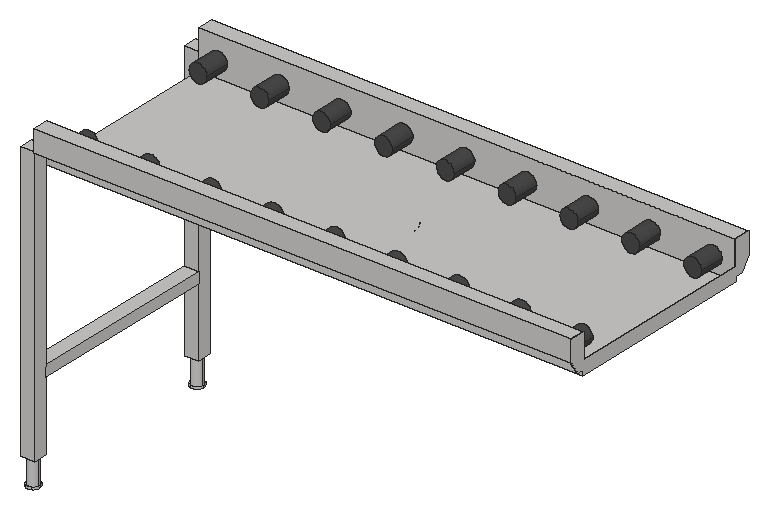
Revit family "QF_ELECTROLUXPROFESSIONAL_863003_HSSRC15", category Specialty Equipment, Revit 2018
Family settings
  Round Connector Dimension = Use Diameter
  Part Type = Normal
  Work Plane-Based = No
  Always vertical = Yes
  Cut with Voids When Loaded = No
  Shared = No
  Room Calculation Point = No
Parameters
  Weight = 0.00 kg
  Watts = 0 W
  Volts = 0 V
  URL Manufacturer = "http://professional.electrolux.com/"
  URL = "http://professional.electrolux.com/"
  Steam Supply Size = 0 mm
  Steam Supply Minimum Pressure = 0.0 Pa
  Steam Supply Maximum Pressure = 0.0 Pa
  Steam Pounds per Hour = 0
  Refrigeration Suction Line Size = 0 mm
  Refrigeration Liquid Line Size = 0 mm
  Refrigerant Compressor Remote = yes
  Manufacturer = "Electrolux"
  Phase = 0
  Model = "HSSRC15"
  Length Actual = 1500 mm  # constant formula
  Item Number = "863003"
  Hot Water Size = 0 mm
  Height Actual = 910 mm  # constant formula
  HP = "0 HP"
  Gas Size = 0 mm
  Gas KW = 0
  Gas Input Pressure = 0 W
  Description = "CONVEYOR, SHORT ROLLERS, L=1500 MM"
  Depth Actual = 620 mm  # constant formula
  Cycle = 0 Hz
  Condensate Return Size = 0 mm
  Compressed Air Volume = 0.0 L/s
  Compressed Air Size = 0 mm
  Compressed Air Pressure = 0.0 Pa
  Cold Water Size = 0 mm
  Accessory = yes
Reference planes
  plane 1 "Centro (Fronte/Retro)": y = 74.737
  plane 2: z = 0
  plane 3 "LEFT": x = -1038.761
  plane 4 "BACK": y = 384.737
  plane 5 "FRONT": y = -235.263
  plane 6: z = 910
  plane 7 "RIGHT": x = 461.239
  plane 8: x = -258.761
Forms (mm)
  Extrusion 1, solid, material "QF_Finishes_Stainless Steel"
    sketch origin (0, 74.737, 0) x (1, 0, 0) y (0, 0, 1)
      loop
        line (-1079.929, 300) -> (-1079.929, 270) -> (-1039.929, 270) -> (-1039.929, 300) -> (-1079.929, 300)
    from -266.504 to 266.46
  Extrusion 2, solid, material "QF_Finishes_Stainless Steel"
    sketch origin (11.239, 0, 0) x (0, 1, 0) y (0, 0, 1)
      loop
        line (-235.263, 910) -> (-235.263, 850.033) -> (-190.242, 850.033) -> (-190.242, 910) -> (-235.263, 910)
      loop
        line (384.737, 910) -> (339.716, 910) -> (339.716, 850.033) -> (384.737, 850.033) -> (384.737, 910)
    from -1050 to 448.8
  Extrusion 3, solid, material "QF_Finishes_Stainless Steel"
    sketch origin (11.239, 0, 0) x (0, 1, 0) y (0, 0, 1)
      loop
        line (-191.727, 850.033) -> (-191.727, 800.081) -> (341.245, 800.081) -> (341.245, 850.033) -> (339.716, 850.033) -> (339.716, 803.081) -> (-190.242, 803.081) -> (-190.242, 850.033) -> (-191.727, 850.033)
    from -1050 to 448.8
  Extrusion 4, solid, material "QF_Finishes_Black"
    sketch origin (0, 74.737, 0) x (1, 0, 0) y (0, 0, 1)
      loop
        circle (-980.637, 850.115) r 25
      loop
        circle (-807.818, 850.115) r 25
      loop
        circle (-634.999, 850.115) r 25
      loop
        circle (-462.18, 850.115) r 25
      loop
        circle (-289.361, 850.115) r 25
      loop
        circle (-116.542, 850.115) r 25
      loop
        circle (56.277, 850.115) r 25
      loop
        circle (401.915, 850.115) r 25
      loop
        circle (229.096, 850.115) r 25
    from 190.58 to 260.534
  Extrusion 5, solid, material "QF_Finishes_Stainless Steel"
    sketch origin (1961.239, 723.253, 4000) x (0, 1, 0) y (0, 0, 1)
      loop
        line (-958.516, -3090) -> (-958.516, -3149.967) -> (-934.752, -3185.632) -> (-915.4, -3185.632) -> (-915.4, -3199.919) -> (-381.633, -3199.919) -> (-381.633, -3185.632) -> (-362.281, -3185.632) -> (-338.516, -3149.967) -> (-338.516, -3090) -> (-383.538, -3090) -> (-383.538, -3161.926) -> (-913.495, -3161.926) -> (-913.495, -3090) -> (-958.516, -3090)
    from -1500 to -1501.2
  Revolve 6, solid, material "QF_Finishes_Stainless Steel"
    sketch origin (-288.685, 0, 0) x (0, 1, 0) y (0, 0, 1)
      loop
        line (74.737, 800.081) -> (12.53, 800.081) -> (12.319, 797.4) -> (12.319, 785.476) -> (17.293, 785.476) -> (17.293, 781.772)
        arc (17.293, 781.772) -> (20.266, 773.808) -> (27.77, 769.813) r 11.998
        line (27.77, 769.813) -> (74.737, 764.085) -> (74.737, 800.081)
      axis (74.737, 764.085) -> (74.737, 800.081)
    angle from 0 to 360
  Revolve 7, solid, material "QF_Finishes_Stainless Steel"
    sketch origin (-258.685, -1524, 744.096) x (0, 0, 1) y (0, -1, 0)
      loop
        line (13.017, -1619.713) -> (30, -1619.713) -> (30, -1598.737) -> (0, -1598.737) -> (0, -1619.713) -> (2.434, -1622.253) -> (10.477, -1622.253) -> (13.017, -1619.713)
      axis (0, -1598.737) -> (30, -1598.737)
    angle from 0 to 360
  Extrusion 8, solid, material "QF_Finishes_Black"
    sketch origin (0, 74.737, 0) x (1, 0, 0) y (0, 0, -1)
      loop
        circle (-980.637, -850.115) r 25
      loop
        circle (-807.818, -850.115) r 25
      loop
        circle (-634.999, -850.115) r 25
      loop
        circle (-462.18, -850.115) r 25
      loop
        circle (-289.361, -850.115) r 25
      loop
        circle (-116.542, -850.115) r 25
      loop
        circle (56.277, -850.115) r 25
      loop
        circle (401.915, -850.115) r 25
      loop
        circle (229.096, -850.115) r 25
    from 190.58 to 260.534
Cuts and joins
  joined: Extrusion 2, Extrusion 3
Lines and regions (mm)
  Split face 1
    outline origin (1558.239, 339.716, 803.081) x (-1, 0, 0) y (0, -1, 0)
      loop
        circle (1847, 264.904) r 3.016
  Split face 2
    outline origin (1558.239, 339.716, 803.081) x (-1, 0, 0) y (0, -1, 0)
      loop
        circle (1847, 264.904) r 52.991
  Split face 3
    outline origin (1558.239, 339.716, 803.081) x (-1, 0, 0) y (0, -1, 0)
      loop
        circle (1847, 264.904) r 36.015
  Split face 4
    outline origin (1558.239, 339.716, 803.081) x (-1, 0, 0) y (0, -1, 0)
      loop
        circle (1847, 264.904) r 26.027
  Split face 5
    outline origin (1558.239, 339.716, 803.081) x (-1, 0, 0) y (0, -1, 0)
      loop
        circle (1847, 264.904) r 9.056
  Masking region 1
    outline origin (0, 0, 0) x (1, 0, 0) y (0, 1, 0)
      loop
        line (-1038.761, 384.737) -> (-1038.761, -235.263) -> (461.239, -235.263) -> (461.239, 384.737) -> (-1038.761, 384.737)
  symbolic lines
    curve 1: line (461.239, 384.737, 0) -> (-1038.761, 384.737, 0)
    curve 2: line (-1038.761, 384.737, 0) -> (-1038.761, -235.263, 0)
    curve 3: line (-1038.761, 339.716, 0) -> (461.239, 339.716, 0)
    curve 4: line (-1038.761, -235.263, 0) -> (461.239, -235.263, 0)
    curve 5: line (461.239, -235.263, 0) -> (461.239, 384.737, 0)
    curve 6: line (461.239, -190.242, 0) -> (-1038.761, -190.242, 0)
    curve 7: line (-955.637, -115.842, 0) -> (-1005.637, -115.842, 0)
    curve 8: line (-1005.637, -115.842, 0) -> (-1005.637, -185.797, 0)
    curve 9: line (-1005.637, -185.797, 0) -> (-955.637, -185.797, 0)
    curve 10: line (-955.637, -185.797, 0) -> (-955.637, -115.842, 0)
    curve 11: line (461.239, 74.737, 0) -> (431.239, 74.737, 0)
    curve 12: line (-1038.761, 74.737, 0) -> (-1008.761, 74.737, 0)
    curve 13: line (426.915, -115.842, 0) -> (376.915, -115.842, 0)
    curve 14: line (376.915, -115.842, 0) -> (376.915, -185.797, 0)
    curve 15: line (376.915, -185.797, 0) -> (426.915, -185.797, 0)
    curve 16: line (426.915, -185.797, 0) -> (426.915, -115.842, 0)
    curve 17: arc (-288.685, 12.319, 0) -> (-351.104, 74.737, 0) -> (-288.685, 137.156, 0) r 62.418
    curve 18: arc (-288.685, 137.156, 0) -> (-226.267, 74.737, 0) -> (-288.685, 12.319, 0) r 62.418
    curve 19: arc (-258.685, 95.713, 0) -> (-279.662, 74.737, 0) -> (-258.685, 53.761, 0) r 20.976
    curve 20: arc (-258.685, 53.761, 0) -> (-237.709, 74.737, 0) -> (-258.685, 95.713, 0) r 20.976
    curve 21: line (-832.818, -115.842, 0) -> (-782.818, -115.842, 0)
    curve 22: line (-782.818, -115.842, 0) -> (-782.818, -185.797, 0)
    curve 23: line (-782.818, -185.797, 0) -> (-832.818, -185.797, 0)
    curve 24: line (-832.818, -185.797, 0) -> (-832.818, -115.842, 0)
    curve 25: line (-609.999, -115.842, 0) -> (-659.999, -115.842, 0)
    curve 26: line (-659.999, -115.842, 0) -> (-659.999, -185.797, 0)
    curve 27: line (-659.999, -185.797, 0) -> (-609.999, -185.797, 0)
    curve 28: line (-609.999, -185.797, 0) -> (-609.999, -115.842, 0)
    curve 29: line (-437.18, -115.842, 0) -> (-487.18, -115.842, 0)
    curve 30: line (-487.18, -115.842, 0) -> (-487.18, -185.797, 0)
    curve 31: line (-487.18, -185.797, 0) -> (-437.18, -185.797, 0)
    curve 32: line (-437.18, -185.797, 0) -> (-437.18, -115.842, 0)
    curve 33: line (-264.361, -115.842, 0) -> (-314.361, -115.842, 0)
    curve 34: line (-314.361, -115.842, 0) -> (-314.361, -185.797, 0)
    curve 35: line (-314.361, -185.797, 0) -> (-264.361, -185.797, 0)
    curve 36: line (-264.361, -185.797, 0) -> (-264.361, -115.842, 0)
    curve 37: line (-91.542, -115.842, 0) -> (-141.542, -115.842, 0)
    curve 38: line (-141.542, -115.842, 0) -> (-141.542, -185.797, 0)
    curve 39: line (-141.542, -185.797, 0) -> (-91.542, -185.797, 0)
    curve 40: line (-91.542, -185.797, 0) -> (-91.542, -115.842, 0)
    curve 41: line (81.277, -115.842, 0) -> (31.277, -115.842, 0)
    curve 42: line (31.277, -115.842, 0) -> (31.277, -185.797, 0)
    curve 43: line (31.277, -185.797, 0) -> (81.277, -185.797, 0)
    curve 44: line (81.277, -185.797, 0) -> (81.277, -115.842, 0)
    curve 45: line (254.096, -115.842, 0) -> (204.096, -115.842, 0)
    curve 46: line (204.096, -115.842, 0) -> (204.096, -185.797, 0)
    curve 47: line (204.096, -185.797, 0) -> (254.096, -185.797, 0)
    curve 48: line (254.096, -185.797, 0) -> (254.096, -115.842, 0)
    curve 49: line (-955.637, 265.317, 0) -> (-1005.637, 265.317, 0)
    curve 50: line (-1005.637, 265.317, 0) -> (-1005.637, 335.271, 0)
    curve 51: line (-1005.637, 335.271, 0) -> (-955.637, 335.271, 0)
    curve 52: line (-955.637, 335.271, 0) -> (-955.637, 265.317, 0)
    curve 53: line (426.915, 265.317, 0) -> (376.915, 265.317, 0)
    curve 54: line (376.915, 265.317, 0) -> (376.915, 335.271, 0)
    curve 55: line (376.915, 335.271, 0) -> (426.915, 335.271, 0)
    curve 56: line (426.915, 335.271, 0) -> (426.915, 265.317, 0)
    curve 57: line (-832.818, 265.317, 0) -> (-782.818, 265.317, 0)
    curve 58: line (-782.818, 265.317, 0) -> (-782.818, 335.271, 0)
    curve 59: line (-782.818, 335.271, 0) -> (-832.818, 335.271, 0)
    curve 60: line (-832.818, 335.271, 0) -> (-832.818, 265.317, 0)
    curve 61: line (-609.999, 265.317, 0) -> (-659.999, 265.317, 0)
    curve 62: line (-659.999, 265.317, 0) -> (-659.999, 335.271, 0)
    curve 63: line (-659.999, 335.271, 0) -> (-609.999, 335.271, 0)
    curve 64: line (-609.999, 335.271, 0) -> (-609.999, 265.317, 0)
    curve 65: line (-437.18, 265.317, 0) -> (-487.18, 265.317, 0)
    curve 66: line (-487.18, 265.317, 0) -> (-487.18, 335.271, 0)
    curve 67: line (-487.18, 335.271, 0) -> (-437.18, 335.271, 0)
    curve 68: line (-437.18, 335.271, 0) -> (-437.18, 265.317, 0)
    curve 69: line (-264.361, 265.317, 0) -> (-314.361, 265.317, 0)
    curve 70: line (-314.361, 265.317, 0) -> (-314.361, 335.271, 0)
    curve 71: line (-314.361, 335.271, 0) -> (-264.361, 335.271, 0)
    curve 72: line (-264.361, 335.271, 0) -> (-264.361, 265.317, 0)
    curve 73: line (-91.542, 265.317, 0) -> (-141.542, 265.317, 0)
    curve 74: line (-141.542, 265.317, 0) -> (-141.542, 335.271, 0)
    curve 75: line (-141.542, 335.271, 0) -> (-91.542, 335.271, 0)
    curve 76: line (-91.542, 335.271, 0) -> (-91.542, 265.317, 0)
    curve 77: line (81.277, 265.317, 0) -> (31.277, 265.317, 0)
    curve 78: line (31.277, 265.317, 0) -> (31.277, 335.271, 0)
    curve 79: line (31.277, 335.271, 0) -> (81.277, 335.271, 0)
    curve 80: line (81.277, 335.271, 0) -> (81.277, 265.317, 0)
    curve 81: line (254.096, 265.317, 0) -> (204.096, 265.317, 0)
    curve 82: line (204.096, 265.317, 0) -> (204.096, 335.271, 0)
    curve 83: line (204.096, 335.271, 0) -> (254.096, 335.271, 0)
    curve 84: line (254.096, 335.271, 0) -> (254.096, 265.317, 0)
Dimensions and locks
  plane 3 "LEFT" to plane 7 "RIGHT" = 1500 mm
  equal spacing: plane 4 "BACK", plane 1 "Centro (Fronte/Retro)", plane 5 "FRONT"
  plane 4 "BACK" to plane 5 "FRONT" = 620 mm
  locked: Extrusion 4 sketch curve to plane 3 "LEFT" at 58.124
  locked: plane 7 "RIGHT" to Extrusion 4 sketch curve at 59.324
  equal spacing: Extrusion 4 sketch curve, Extrusion 4 sketch curve, Extrusion 4 sketch curve, Extrusion 4 sketch curve, Extrusion 4 sketch curve, Extrusion 4 sketch curve, Extrusion 4 sketch curve, Extrusion 4 sketch curve, Extrusion 4 sketch curve
  equal spacing: Extrusion 8 sketch curve, Extrusion 8 sketch curve, Extrusion 8 sketch curve, Extrusion 8 sketch curve, Extrusion 8 sketch curve, Extrusion 8 sketch curve, Extrusion 8 sketch curve, Extrusion 8 sketch curve, Extrusion 8 sketch curve
  aligned and locked: level to plane 2
  aligned and locked: Extrusion 2 to Extrusion 3
Automatic sketch dimensions
  curve 17 to curve 18 = 0 mm  (x2)
  curve 19 to curve 20 = 0 mm  (x2)
  curve 6 to plane 3 "LEFT" = 0 mm
  plane 1 "Centro (Fronte/Retro)" to curve 12 = 0 mm
  plane 1 "Centro (Fronte/Retro)" to curve 17 = 0 mm
  plane 1 "Centro (Fronte/Retro)" to curve 19 = 0 mm
  plane 1 "Centro (Fronte/Retro)" to curve 11 = 0 mm
  curve 6 to plane 7 "RIGHT" = 0 mm
  curve 4 to plane 5 "FRONT" = 0 mm
  curve 2 to plane 4 "BACK" = 0 mm
  plane 3 "LEFT" to curve 50 = 33.124 mm
  plane 3 "LEFT" to curve 9 = 33.124 mm
  curve 8 to curve 9 = 50 mm
  curve 50 to curve 52 = 50 mm
  curve 49 to curve 57 = 122.819 mm
  plane 5 "FRONT" to curve 23 = 49.466 mm
  curve 9 to curve 23 = 122.819 mm
  curve 59 to curve 58 = 50 mm
  curve 23 to curve 23 = 50 mm
  plane 5 "FRONT" to curve 27 = 49.466 mm
  curve 22 to curve 27 = 122.819 mm
  curve 63 to plane 4 "BACK" = 49.466 mm
  curve 58 to curve 63 = 122.819 mm
  curve 62 to curve 63 = 50 mm
  curve 25 to curve 28 = 50 mm
  curve 61 to curve 65 = 122.819 mm
  plane 5 "FRONT" to curve 31 = 49.466 mm
  curve 27 to curve 31 = 122.819 mm
  curve 30 to curve 31 = 50 mm
  curve 66 to curve 68 = 50 mm
  curve 71 to plane 8 = 55.6 mm
  curve 34 to plane 8 = 55.6 mm
  curve 17 to plane 8 = 29.924 mm
  curve 33 to plane 8 = 5.6 mm
  curve 72 to plane 8 = 5.6 mm
  plane 8 to curve 19 = 0.076 mm
  plane 8 to curve 73 = 117.219 mm
  plane 8 to curve 37 = 117.219 mm
  curve 73 to curve 76 = 50 mm
  curve 37 to curve 37 = 50 mm
  curve 78 to plane 4 "BACK" = 49.466 mm
  curve 75 to curve 78 = 122.819 mm
  plane 5 "FRONT" to curve 43 = 49.466 mm
  curve 39 to curve 43 = 122.819 mm
  curve 41 to curve 41 = 50 mm
  curve 78 to curve 79 = 50 mm
  curve 77 to curve 81 = 122.819 mm
  plane 5 "FRONT" to curve 47 = 49.466 mm
  curve 43 to curve 47 = 122.819 mm
  curve 81 to curve 81 = 50 mm
  curve 46 to curve 48 = 50 mm
  curve 14 to plane 7 "RIGHT" = 84.324 mm
  curve 55 to plane 7 "RIGHT" = 84.324 mm
  curve 16 to plane 7 "RIGHT" = 34.324 mm
  curve 55 to plane 7 "RIGHT" = 34.324 mm
  plane 5 "FRONT" to curve 35 = 49.466 mm
  plane 5 "FRONT" to curve 8 = 49.466 mm
  plane 5 "FRONT" to curve 14 = 49.466 mm
  plane 5 "FRONT" to curve 40 = 49.466 mm
  curve 38 to curve 38 = 69.954 mm
  curve 23 to curve 21 = 69.954 mm
  curve 43 to curve 41 = 69.954 mm
  curve 15 to curve 16 = 69.954 mm
  curve 27 to curve 25 = 69.954 mm
  curve 31 to curve 29 = 69.954 mm
  curve 47 to curve 45 = 69.954 mm
  curve 9 to curve 10 = 69.954 mm
  curve 35 to curve 33 = 69.954 mm
  curve 84 to plane 4 "BACK" = 119.42 mm
  curve 80 to curve 79 = 69.954 mm
  curve 49 to plane 4 "BACK" = 119.42 mm
  curve 76 to plane 4 "BACK" = 119.42 mm
  curve 53 to plane 4 "BACK" = 119.42 mm
  curve 72 to plane 4 "BACK" = 119.42 mm
  curve 57 to plane 4 "BACK" = 119.42 mm
  curve 68 to plane 4 "BACK" = 119.42 mm
  curve 61 to curve 63 = 69.954 mm
  curve 60 to plane 4 "BACK" = 49.466 mm
  curve 66 to plane 4 "BACK" = 49.466 mm
  curve 56 to plane 4 "BACK" = 49.466 mm
  curve 70 to plane 4 "BACK" = 49.466 mm
  curve 52 to plane 4 "BACK" = 49.466 mm
  curve 74 to plane 4 "BACK" = 49.466 mm
  curve 84 to plane 4 "BACK" = 49.466 mm
  plane 3 "LEFT" to curve 12 = 30 mm
  curve 11 to plane 7 "RIGHT" = 30 mm
  curve 6 to curve 15 = 4.445 mm
  curve 17 to curve 17 = 62.418 mm
  curve 19 to curve 19 = 20.976 mm
  curve 50 to curve 3 = 4.445 mm
  Extrusion 1 sketch curve to plane 3 "LEFT" = 41.168 mm
  Extrusion 1 sketch curve to plane 3 "LEFT" = 1.168 mm
  level to Extrusion 1 sketch curve = 270 mm
  Extrusion 1 sketch curve to Extrusion 1 sketch curve = 30 mm
  Extrusion 2 sketch curve to plane 5 "FRONT" = 0 mm
  Extrusion 2 sketch curve to plane 6 = 0 mm  (x2)
  Extrusion 2 sketch curve to plane 4 "BACK" = 0 mm
  plane 5 "FRONT" to Extrusion 2 sketch curve = 45.021 mm
  Extrusion 2 sketch curve to plane 4 "BACK" = 45.021 mm
  Extrusion 2 sketch curve to Extrusion 2 sketch curve = 59.967 mm  (x2)
  plane 5 "FRONT" to Extrusion 3 sketch curve = 43.536 mm
  Extrusion 3 sketch curve to Extrusion 3 sketch curve = 1.486 mm
  Extrusion 3 sketch curve to plane 4 "BACK" = 45.021 mm
  Extrusion 3 sketch curve to Extrusion 3 sketch curve = 1.529 mm
  Extrusion 3 sketch curve to plane 6 = 109.919 mm
  Extrusion 3 sketch curve to Extrusion 3 sketch curve = 3 mm
  Extrusion 3 sketch curve to Extrusion 3 sketch curve = 46.952 mm  (x2)
  Extrusion 4 sketch curve to plane 6 = 59.885 mm  (x9)
  cut or joined group of Extrusion 2, Extrusion 3 to Split face 1 sketch curve = 264.904 mm
  Split face 1 sketch curve to cut or joined group of Extrusion 2, Extrusion 3 = 748.8 mm
  cut or joined group of Extrusion 2, Extrusion 3 to Split face 2 sketch curve = 264.904 mm
  Split face 2 sketch curve to cut or joined group of Extrusion 2, Extrusion 3 = 748.8 mm
  cut or joined group of Extrusion 2, Extrusion 3 to Split face 3 sketch curve = 264.904 mm
  Split face 3 sketch curve to cut or joined group of Extrusion 2, Extrusion 3 = 748.8 mm
  cut or joined group of Extrusion 2, Extrusion 3 to Split face 4 sketch curve = 264.904 mm
  Split face 4 sketch curve to cut or joined group of Extrusion 2, Extrusion 3 = 748.8 mm
  cut or joined group of Extrusion 2, Extrusion 3 to Split face 5 sketch curve = 264.904 mm
  Split face 5 sketch curve to cut or joined group of Extrusion 2, Extrusion 3 = 748.8 mm
  Masking region 1 sketch curve to plane 3 "LEFT" = 0 mm
  Masking region 1 sketch curve to plane 5 "FRONT" = 0 mm
  Masking region 1 sketch curve to plane 7 "RIGHT" = 0 mm
  Masking region 1 sketch curve to plane 4 "BACK" = 0 mm
  Extrusion 5 sketch curve to plane 5 "FRONT" = 0 mm
  Extrusion 5 sketch curve to plane 6 = 0 mm  (x2)
  Extrusion 5 sketch curve to plane 4 "BACK" = 0 mm
  plane 5 "FRONT" to Extrusion 5 sketch curve = 23.764 mm
  Extrusion 5 sketch curve to Extrusion 5 sketch curve = 19.352 mm  (x2)
  plane 5 "FRONT" to Extrusion 5 sketch curve = 45.021 mm
  Extrusion 5 sketch curve to plane 4 "BACK" = 45.021 mm
  Extrusion 5 sketch curve to Extrusion 5 sketch curve = 1.905 mm
  Extrusion 5 sketch curve to Extrusion 5 sketch curve = 59.967 mm  (x2)
  Extrusion 5 sketch curve to Extrusion 5 sketch curve = 11.959 mm
  Extrusion 5 sketch curve to Extrusion 5 sketch curve = 23.706 mm  (x2)
  Extrusion 5 sketch curve to Extrusion 5 sketch curve = 14.287 mm
  Revolve 6 sketch curve to plane 1 "Centro (Fronte/Retro)" = 0 mm  (x2)
  plane 1 "Centro (Fronte/Retro)" to Revolve 6 sketch curve = 45.447 mm
  Revolve 6 sketch curve to Revolve 6 sketch curve = 1.52 mm
  Revolve 6 sketch curve to Revolve 6 sketch curve = 11.998 mm
  Revolve 6 sketch curve to Revolve 6 sketch curve = 4.762 mm
  Revolve 6 sketch curve to Revolve 6 sketch curve = 4.974 mm
  Revolve 6 sketch curve to plane 6 = 145.915 mm
  Revolve 6 sketch curve to Revolve 6 sketch curve = 5.727 mm
  Revolve 6 sketch curve to Revolve 6 sketch curve = 11.901 mm
  Revolve 6 sketch curve to Revolve 6 sketch curve = 3.704 mm
  Revolve 6 sketch curve to Revolve 6 sketch curve = 11.924 mm
  Revolve 6 sketch curve to Revolve 6 sketch curve = 2.681 mm
  Revolve 6 sketch curve to Revolve 6 sketch curve = 3 mm
  Revolve 6 sketch curve to Revolve 6 sketch curve = 14.991 mm
  Revolve 7 sketch curve to plane 1 "Centro (Fronte/Retro)" = 0 mm  (x2)
  Revolve 7 sketch curve to plane 1 "Centro (Fronte/Retro)" = 20.976 mm
  Revolve 7 sketch curve to plane 6 = 165.904 mm
  Revolve 7 sketch curve to plane 1 "Centro (Fronte/Retro)" = 23.516 mm
  Revolve 7 sketch curve to Revolve 7 sketch curve = 2.434 mm
  Revolve 7 sketch curve to Revolve 7 sketch curve = 8.043 mm
  Revolve 7 sketch curve to Revolve 7 sketch curve = 2.54 mm  (x2)
  Revolve 7 sketch curve to Revolve 7 sketch curve = 16.983 mm
  Revolve 7 sketch curve to Revolve 7 sketch curve = 3.127 mm
  Revolve 7 sketch curve to Revolve 7 sketch curve = 7.343 mm
  plane 3 "LEFT" to Extrusion 8 sketch curve = 58.124 mm
  Extrusion 8 sketch curve to plane 6 = 59.885 mm  (x9)
  Extrusion 8 sketch curve to Extrusion 8 sketch curve = 172.819 mm
  radius of Extrusion 4 sketch curve = 25 mm  (x9)
  radius of Split face 1 sketch curve = 3.016 mm
  radius of Split face 2 sketch curve = 52.991 mm
  radius of Split face 3 sketch curve = 36.015 mm
  radius of Split face 4 sketch curve = 26.027 mm
  radius of Split face 5 sketch curve = 9.056 mm
  radius of Extrusion 8 sketch curve = 25 mm  (x9)
Nested families
  nested 1: "Foot_40x40" at (-1059.929, -211.771, 0), type "Foot_40x40"
    with A 850.033 mm
  nested 2: "Foot_40x40" at (-1059.929, 361.245, 0), type "Foot_40x40"
    with A 850.033 mm
Connectors
  piping at (-258.685, 74.737, 744.096), diameter 30
    settings: on Revolve 7, index 5, connector inside diameter 609.6 mm, connector length 0 mm, flow factor 0, pipe flow 0.0 L/s, pressure drop 0.0 Pa, fitting loss kfactor 0, connector angle 0.00°, fixture units 0, engagement length 0 mm, angle of deflection 0.00°, flow configuration 1, flow direction 2, fitting loss method 0, system type 16, joint type 0, gender type 0, connector reference index -1, connector utility 0, adjustable connector no, is connector primary yes, connector description ""
Definition of nested family "Foot_40x40"
  Parameters
    A [instance] = 850 mm
  Reference planes
    plane 1 "Centro (Fronte/Retro)": y = 0
    plane 2: z = 0
    plane 3 "Centro (Sinistra/Destra)": x = 0
    plane 4: z = 850
  Forms (mm)
    Extrusion 1, solid
      sketch origin (0, 0, 0) x (1, 0, 0) y (0, 1, 0)
        loop
          circle (0, 0) r 18
      from 0 to 5
    Extrusion 2, solid
      sketch origin (0, 0, 5) x (1, 0, 0) y (0, 1, 0)
        loop
          circle (0, 0) r 15
      from 0 to 70
    Extrusion 3, solid
      sketch origin (0, 0, 75) x (1, 0, 0) y (0, 1, 0)
        loop
          line (-20, 20) -> (-20, -20) -> (20, -20) -> (20, 20) -> (-20, 20)
      from 0 to 775
  Dimensions and locks
    "A": plane 4 to plane 2
    aligned and locked: level to plane 2
    aligned and locked: plane 4 to Extrusion 3
    aligned and locked: Extrusion 1 to level
  Automatic sketch dimensions
    plane 1 "Centro (Fronte/Retro)" to Extrusion 1 sketch curve = 0 mm
    Extrusion 1 sketch curve to plane 3 "Centro (Sinistra/Destra)" = 0 mm
    Extrusion 3 sketch curve to Extrusion 3 sketch curve = 40 mm  (x2)
    radius of Extrusion 1 sketch curve = 18 mm
    radius of Extrusion 2 sketch curve to Extrusion 1 = 3 mm
